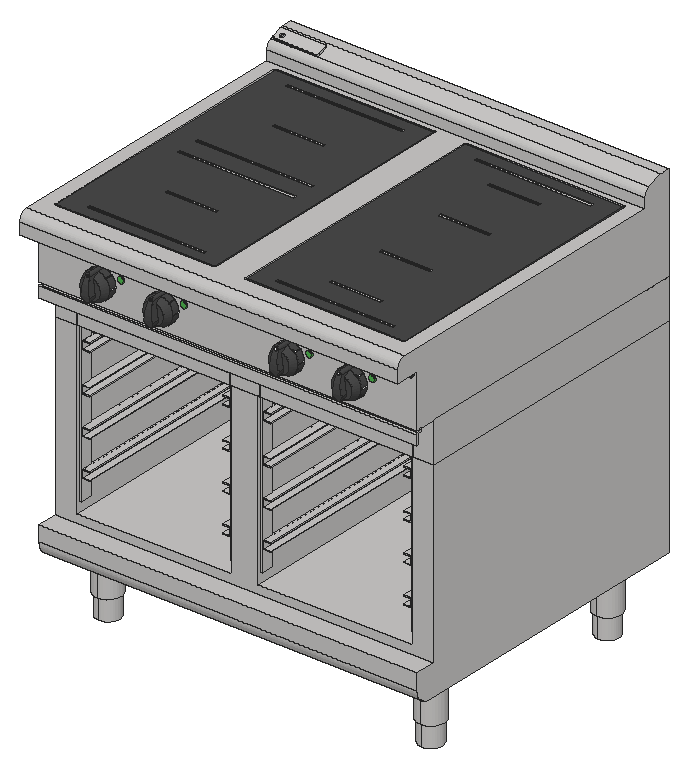
Revit family "QF_Moffat_INL8400R3F-CB_Induction Cooktop_cat", category Specialty Equipment, Revit 2019 (continued)
Definition of nested family "IN8400F-CB_Cabinet base"
  Automatic sketch dimensions
    Extrusion 14 sketch curve to Extrusion 14 sketch curve = 70 mm  (x2)
    Extrusion 14 sketch curve to plane 14 = 52.5 mm
    Extrusion 14 sketch curve to Extrusion 14 sketch curve = 0 mm  (x3)
    Extrusion 14 sketch curve to Extrusion 14 sketch curve = 17.4 mm  (x5)
Definition of nested family "Knob"
  Parameters (values of type "Knob")
    Weight in Pounds = 0
    URL Cutsheet = ""
    Specification by User = ""
    Specification by Manufacturer = ""
    Serial Number = ""
    Seismic Rating = ""
    SMACNA No = ""
    Revision Code = ""
    NAFEM Spec ID Number = ""
    Masterspec = ""
    Length = 65 mm
    Item Number = ""
    Installed By = ""
    Identify Quantity as Lot = yes
    Height = 69.5 mm
    Furnished By = ""
    Foodservice Equipment Identifier = yes
    Depth = 59 mm
    CSI MasterFormat = ""
  Reference planes
    plane 1 "BACK": y = 0
    plane 2: z = 0
    plane 3 "LEFT": x = 0
    plane 4 "RIGHT": x = 65
    plane 5 "FRONT": y = -59
    plane 6 "TOP": z = 69.5
    plane 7 "Center Y": x = 32.5
    plane 8 "Center X": y = -29.5
  Forms (mm)
    Revolve 1, solid
      sketch origin (32.5, 175.397, 1219.2) x (0, 1, 0) y (0, 0, 1)
        loop
          line (-175.397, -1186.7) -> (-219.397, -1186.7) -> (-219.397, -1211.501) -> (-202.106, -1219.2) -> (-185.397, -1219.2) -> (-185.397, -1191.7) -> (-175.397, -1191.7) -> (-175.397, -1186.7)
        axis (-219.397, -1186.7) -> (-175.397, -1186.7)
      angle from 0 to 360
    Extrusion 2, solid
      sketch origin (32.5, 175.397, 1219.2) x (0, 1, 0) y (0, 0, 1)
        loop
          line (-202.106, -1154.2) -> (-185.397, -1154.2) -> (-185.397, -1149.7) -> (-224.105, -1149.7)
          arc (-224.105, -1149.7) -> (-233.965, -1178.467) -> (-230.696, -1208.7) r 70
          line (-230.696, -1208.7) -> (-219.397, -1208.7) -> (-219.397, -1161.899) -> (-202.106, -1154.2)
      from -15 to 15
    Extrusion 3, void
      sketch origin (0, 0, 0) x (1, 0, 0) y (0, 0, 1)
        loop
          line (27.501, 64.613) -> (22.02, 20.585)
          arc (22.02, 20.585) -> (32.792, 10.488) -> (42.986, 21.169) r 10.487
          line (42.986, 21.169) -> (37.499, 64.613)
          arc (37.499, 64.613) -> (32.5, 69.5) -> (27.501, 64.613) r 5
        loop
          line (10, 72.977) -> (10, 5.625) -> (55, 5.625) -> (55, 72.977) -> (10, 72.977)
      from 6.142 to 69.687
    Extrusion 4, solid
      sketch origin (0, -34.115, -16.916) x (1, 0, 0) y (0, 0.45399, 0.891007)
        loop
          circle (32.497, 65) r 2
      from 51.525 to 53.075
    Extrusion 5, solid
      sketch origin (32.5, -10, 32.5) x (0, 0, -1) y (-1, 0, 0)
        loop
          line (-23.54, -22.408) -> (-24.106, -22.974)
          arc (-24.106, -22.974) -> (-23.547, -23.547) -> (-22.974, -24.106) r 33.3
          line (-22.974, -24.106) -> (-22.408, -23.54)
          arc (-22.408, -23.54) -> (-22.981, -22.981) -> (-23.54, -22.408) r 32.5
        loop
          arc (-0.8, -33.29) -> (0, -33.3) -> (0.8, -33.29) r 33.3
          line (0.8, -33.29) -> (0.8, -32.49)
          arc (0.8, -32.49) -> (0, -32.5) -> (-0.8, -32.49) r 32.5
          line (-0.8, -32.49) -> (-0.8, -33.29)
        loop
          arc (23.54, -22.408) -> (22.981, -22.981) -> (22.408, -23.54) r 32.5
          line (22.408, -23.54) -> (22.974, -24.106)
          arc (22.974, -24.106) -> (23.547, -23.547) -> (24.106, -22.974) r 33.3
          line (24.106, -22.974) -> (23.54, -22.408)
        loop
          arc (-23.54, 22.408) -> (-22.981, 22.981) -> (-22.408, 23.54) r 32.5
          line (-22.408, 23.54) -> (-22.974, 24.106)
          arc (-22.974, 24.106) -> (-23.547, 23.547) -> (-24.106, 22.974) r 33.3
          line (-24.106, 22.974) -> (-23.54, 22.408)
        loop
          line (-0.8, 33.29) -> (-0.8, 32.49)
          arc (-0.8, 32.49) -> (0, 32.5) -> (0.8, 32.49) r 32.5
          line (0.8, 32.49) -> (0.8, 33.29)
          arc (0.8, 33.29) -> (0, 33.3) -> (-0.8, 33.29) r 33.3
        loop
          line (32.49, -0.8) -> (33.29, -0.8)
          arc (33.29, -0.8) -> (33.3, 0) -> (33.29, 0.8) r 33.3
          line (33.29, 0.8) -> (32.49, 0.8)
          arc (32.49, 0.8) -> (32.5, 0) -> (32.49, -0.8) r 32.5
        loop
          arc (24.106, 22.974) -> (23.547, 23.547) -> (22.974, 24.106) r 33.3
          line (22.974, 24.106) -> (22.408, 23.54)
          arc (22.408, 23.54) -> (22.981, 22.981) -> (23.54, 22.408) r 32.5
          line (23.54, 22.408) -> (24.106, 22.974)
      from 0 to -16.709
  Cuts and joins
    Extrusion 3 cuts Extrusion 2
  Dimensions and locks
    equal spacing: plane 3 "LEFT", plane 7 "Center Y", plane 4 "RIGHT"
    "Length": plane 3 "LEFT" to plane 4 "RIGHT"
    equal spacing: plane 5 "FRONT", plane 8 "Center X", plane 1 "BACK"
    "Depth": plane 5 "FRONT" to plane 1 "BACK"
    "Height": plane 6 "TOP" to level
    plane 4 "RIGHT" to plane 3 "LEFT" = 65 mm
    aligned and locked: level to plane 2
  Automatic sketch dimensions
    Revolve 1 sketch curve to level = 0 mm
    Revolve 1 sketch curve to plane 1 "BACK" = 0 mm  (x2)
    plane 1 "BACK" to Revolve 1 sketch curve = 10 mm
    plane 8 "Center X" to Revolve 1 sketch curve = 2.791 mm
    Revolve 1 sketch curve to plane 8 "Center X" = 14.5 mm
    level to Revolve 1 sketch curve = 7.699 mm
    level to Revolve 1 sketch curve = 27.5 mm
    Revolve 1 sketch curve to Revolve 1 sketch curve = 5 mm
    Revolve 1 sketch curve to Revolve 1 sketch curve = 35 mm
    Revolve 1 sketch curve to Revolve 1 sketch curve = 0 mm
    Extrusion 2 sketch curve to plane 6 "TOP" = 0 mm
    Extrusion 2 sketch curve to plane 5 "FRONT" = 3.702 mm
    Extrusion 2 sketch curve to plane 5 "FRONT" = 10.293 mm
    Extrusion 2 sketch curve to Extrusion 2 sketch curve = 11.298 mm
    plane 8 "Center X" to Extrusion 2 sketch curve = 2.791 mm
    plane 1 "BACK" to Extrusion 2 sketch curve = 10 mm
    Extrusion 2 sketch curve to plane 1 "BACK" = 11 mm
    Extrusion 2 sketch curve to plane 6 "TOP" = 4.5 mm
    Extrusion 2 sketch curve to plane 6 "TOP" = 12.199 mm
    level to Extrusion 2 sketch curve = 32.962 mm
    level to Extrusion 3 sketch curve = 5.625 mm
    Extrusion 3 sketch curve to plane 7 "Center Y" = 0 mm  (x2)
    Extrusion 3 sketch curve to plane 7 "Center Y" = 4.999 mm
    Extrusion 3 sketch curve to plane 7 "Center Y" = 10.48 mm
    plane 6 "TOP" to Extrusion 3 sketch curve = 3.477 mm
    plane 3 "LEFT" to Extrusion 3 sketch curve = 10 mm
    Extrusion 3 sketch curve to plane 6 "TOP" = 4.887 mm
    Extrusion 3 sketch curve to Extrusion 3 sketch curve = 4.999 mm
    plane 7 "Center Y" to Extrusion 3 sketch curve = 10.486 mm
    level to Extrusion 3 sketch curve = 20.585 mm
    Extrusion 3 sketch curve to Extrusion 3 sketch curve = 0.387 mm
    Extrusion 3 sketch curve to Extrusion 3 sketch curve = 0.113 mm
    plane 4 "RIGHT" to Extrusion 3 sketch curve = 10 mm
    Extrusion 5 sketch curve to Revolve 1 = 32.49 mm
    Revolve 1 to Extrusion 5 sketch curve = 32.49 mm
    Extrusion 5 sketch curve to Revolve 1 = 23.54 mm  (x2)
    Revolve 1 to Extrusion 5 sketch curve = 23.54 mm  (x2)
    Extrusion 5 sketch curve to Revolve 1 = 24.106 mm  (x2)
    Revolve 1 to Extrusion 5 sketch curve = 24.106 mm  (x2)
    Revolve 1 to Extrusion 5 sketch curve = 22.408 mm  (x2)
    Extrusion 5 sketch curve to Revolve 1 = 22.408 mm  (x2)
    Revolve 1 to Extrusion 5 sketch curve = 22.974 mm  (x2)
    Extrusion 5 sketch curve to Revolve 1 = 22.974 mm  (x2)
    Extrusion 5 sketch curve to Extrusion 5 sketch curve = 1.6 mm  (x2)
    Revolve 1 to Extrusion 5 sketch curve = 0.8 mm
    Extrusion 5 sketch curve to Revolve 1 = 0.8 mm
    Extrusion 4 sketch curve to plane 7 "Center Y" = 0.003 mm
    radius of Extrusion 5 sketch curve to Revolve 1 = 0 mm  (x7)
    radius of Revolve 1 to Extrusion 5 sketch curve = 0.8 mm  (x7)
    radius of Extrusion 4 sketch curve = 2 mm
Definition of nested family "QF_LOGO_Waldorf1"
  Parameters (values of type "QF_LOGO_Waldorf")
    Weight in Pounds = 0
    URL Cutsheet = ""
    Specification by User = ""
    Specification by Manufacturer = ""
    Serial Number = ""
    Seismic Rating = ""
    SMACNA No = ""
    Revision Code = ""
    NAFEM Spec ID Number = ""
    Masterspec = ""
    Length = 138 mm
    Item Number = ""
    Installed By = ""
    Identify Quantity as Lot = yes
    Height = 26.711 mm
    Furnished By = ""
    Foodservice Equipment Identifier = yes
    Depth = 3.175 mm
    CSI MasterFormat = ""
  Reference planes
    plane 1 "BACK": y = 0
    plane 2: z = 0
    plane 3 "LEFT": x = 0
    plane 4 "RIGHT": x = 138
    plane 5 "FRONT": y = -3.175
    plane 6 "TOP": z = 26.711
    plane 7 "Center Y": x = 69
    plane 8 "Center X": y = -1.587
  Forms (mm)
    Extrusion 1, solid
      sketch origin (0, 0, 0) x (1, 0, 0) y (0, 0.920505, 0.390731)
        loop
          line (109, 3.464) -> (109, 23.247)
          spline (109, 23.247) -> (108.966, 23.699) -> (108.864, 24.143) -> (108.696, 24.572) -> (108.464, 24.979) -> (108.173, 25.355) -> (107.828, 25.696) -> (107.435, 25.995) -> (107, 26.247) -> (106.531, 26.447) -> (106.035, 26.593) -> (105.522, 26.681) -> (105, 26.711)
          line (105, 26.711) -> (4, 26.711)
          spline (4, 26.711) -> (3.478, 26.681) -> (2.965, 26.593) -> (2.469, 26.447) -> (2, 26.247) -> (1.565, 25.995) -> (1.172, 25.696) -> (0.827, 25.355) -> (0.536, 24.979) -> (0.304, 24.572) -> (0.136, 24.143) -> (0.034, 23.699) -> (0, 23.247)
          line (0, 23.247) -> (0, 3.464)
          spline (0, 3.464) -> (0.034, 3.012) -> (0.136, 2.568) -> (0.304, 2.138) -> (0.536, 1.732) -> (0.827, 1.355) -> (1.172, 1.015) -> (1.565, 0.716) -> (2, 0.464) -> (2.469, 0.264) -> (2.965, 0.118) -> (3.478, 0.03) -> (4, 0)
          line (4, 0) -> (105, 0)
          spline (105, 0) -> (105.522, 0.03) -> (106.035, 0.118) -> (106.531, 0.264) -> (107, 0.464) -> (107.435, 0.716) -> (107.828, 1.015) -> (108.173, 1.355) -> (108.464, 1.732) -> (108.696, 2.138) -> (108.864, 2.568) -> (108.966, 3.012) -> (109, 3.464)
        loop
          line (14.75, 7.005) -> (14.75, 15.654)
          arc (14.75, 15.654) -> (10.425, 11.329) -> (14.75, 7.005) r 4.325
        loop
          line (15.25, 15.654) -> (15.25, 7.005)
          arc (15.25, 7.005) -> (19.575, 11.329) -> (15.25, 15.654) r 4.325
      from 0 to 3.2
    Extrusion 2, solid
      sketch origin (0, 0, 0) x (1, 0, 0) y (0, 0.920505, 0.390731)
        loop
          line (15.25, 15.654) -> (15.25, 7.005)
          arc (15.25, 7.005) -> (19.575, 11.329) -> (15.25, 15.654) r 4.325
      from 0 to 3.2
    Extrusion 3, solid
      sketch origin (16.271, 0, 0) x (-1, 0, 0) y (0, -0.920505, -0.390731)
        loop
          arc (1.521, -15.654) -> (5.846, -11.329) -> (1.521, -7.005) r 4.325
          line (1.521, -7.005) -> (1.521, -15.654)
      from 0 to 3.2
  Lines and regions (mm)
    Split face 1
      outline origin (0, -1.25, 2.946) x (1, 0, 0) y (0, 0.920505, 0.390731)
        loop
          spline (22.129, 16.975) -> (22.389, 15.984) -> (22.649, 15.002) -> (22.91, 14.028) -> (23.172, 13.065) -> (23.433, 12.11) -> (23.695, 11.166) -> (23.956, 10.232) -> (24.218, 9.308) -> (24.479, 8.396) -> (24.74, 7.495) -> (25, 6.605) -> (25.26, 5.728)
          line (25.26, 5.728) -> (29.463, 5.728)
          spline (29.463, 5.728) -> (29.582, 6.252) -> (29.701, 6.78) -> (29.82, 7.313) -> (29.939, 7.85) -> (30.058, 8.391) -> (30.178, 8.936) -> (30.297, 9.485) -> (30.416, 10.038) -> (30.536, 10.594) -> (30.655, 11.155) -> (30.775, 11.719) -> (30.894, 12.287)
          spline (30.894, 12.287) -> (31.018, 11.719) -> (31.142, 11.155) -> (31.266, 10.594) -> (31.39, 10.038) -> (31.514, 9.485) -> (31.638, 8.936) -> (31.762, 8.391) -> (31.885, 7.85) -> (32.009, 7.313) -> (32.133, 6.78) -> (32.256, 6.252) -> (32.379, 5.728)
          line (32.379, 5.728) -> (36.51, 5.728)
          spline (36.51, 5.728) -> (36.766, 6.605) -> (37.023, 7.495) -> (37.28, 8.396) -> (37.538, 9.308) -> (37.795, 10.232) -> (38.053, 11.166) -> (38.311, 12.11) -> (38.569, 13.065) -> (38.826, 14.028) -> (39.083, 15.002) -> (39.34, 15.984) -> (39.597, 16.975)
          line (39.597, 16.975) -> (35.637, 16.975)
          spline (35.637, 16.975) -> (35.523, 16.334) -> (35.41, 15.697) -> (35.296, 15.063) -> (35.182, 14.433) -> (35.068, 13.807) -> (34.954, 13.185) -> (34.84, 12.566) -> (34.726, 11.952) -> (34.612, 11.342) -> (34.497, 10.737) -> (34.383, 10.135) -> (34.269, 9.538)
          spline (34.269, 9.538) -> (34.138, 10.135) -> (34.008, 10.737) -> (33.877, 11.342) -> (33.746, 11.952) -> (33.616, 12.566) -> (33.485, 13.185) -> (33.354, 13.807) -> (33.224, 14.433) -> (33.093, 15.063) -> (32.963, 15.697) -> (32.833, 16.334) -> (32.703, 16.975)
          line (32.703, 16.975) -> (29.247, 16.975)
          spline (29.247, 16.975) -> (29.111, 16.334) -> (28.974, 15.697) -> (28.837, 15.063) -> (28.7, 14.433) -> (28.562, 13.807) -> (28.425, 13.185) -> (28.288, 12.566) -> (28.15, 11.952) -> (28.013, 11.342) -> (27.875, 10.737) -> (27.738, 10.135) -> (27.6, 9.538)
          spline (27.6, 9.538) -> (27.483, 10.135) -> (27.366, 10.737) -> (27.249, 11.342) -> (27.132, 11.952) -> (27.015, 12.566) -> (26.897, 13.185) -> (26.78, 13.807) -> (26.663, 14.433) -> (26.546, 15.063) -> (26.43, 15.697) -> (26.313, 16.334) -> (26.196, 16.975)
          line (26.196, 16.975) -> (22.129, 16.975)
    Split face 2
      outline origin (0, -1.25, 2.946) x (1, 0, 0) y (0, 0.920505, 0.390731)
        loop
          line (51.449, 5.728) -> (51.035, 6.606) -> (51.035, 11.169)
          spline (51.035, 11.169) -> (50.686, 12.42) -> (50.176, 13.224) -> (49.51, 13.708) -> (48.693, 13.995) -> (47.747, 14.152) -> (46.698, 14.207) -> (45.579, 14.186) -> (44.419, 14.114) -> (43.279, 13.929) -> (42.249, 13.481) -> (41.424, 12.614) -> (40.897, 11.169)
          line (40.897, 11.169) -> (44.617, 11.169) -> (44.988, 11.965)
          spline (44.988, 11.965) -> (47.294, 11.682) -> (46.856, 10.932) -> (45.527, 10.609) -> (43.858, 10.439) -> (42.259, 10.123) -> (41.078, 9.417) -> (40.563, 8.246) -> (40.689, 6.989) -> (41.407, 6.052) -> (42.774, 5.536) -> (44.847, 5.497) -> (47.306, 6.602)
          line (47.306, 6.602) -> (47.624, 5.728) -> (51.449, 5.728)
    Split face 3
      outline origin (0, -1.25, 2.946) x (1, 0, 0) y (0, 0.920505, 0.390731)
        loop
          line (47.264, 9.264) -> (44.938, 8.597)
          spline (44.938, 8.597) -> (44.508, 8.228) -> (44.402, 7.9) -> (44.548, 7.626) -> (44.877, 7.42) -> (45.317, 7.295) -> (45.797, 7.265) -> (46.252, 7.342) -> (46.65, 7.525) -> (46.971, 7.813) -> (47.194, 8.201) -> (47.298, 8.685) -> (47.264, 9.264)
    Split face 4
      outline origin (0, -1.25, 2.946) x (1, 0, 0) y (0, 0.920505, 0.390731)
        loop
          line (53.33, 16.975) -> (53.33, 5.728) -> (57.173, 5.728) -> (57.173, 16.975) -> (53.33, 16.975)
    Split face 5
      outline origin (0, -1.25, 2.946) x (1, 0, 0) y (0, 0.920505, 0.390731)
        loop
          line (65.795, 16.975) -> (65.795, 12.976)
          spline (65.795, 12.976) -> (63.839, 14.082) -> (62.087, 14.096) -> (60.633, 13.343) -> (59.574, 12.148) -> (58.99, 10.806) -> (58.867, 9.452) -> (59.156, 8.159) -> (59.81, 7) -> (60.786, 6.056) -> (62.111, 5.514) -> (63.868, 5.634) -> (66.137, 6.679)
          line (66.137, 6.679) -> (66.137, 5.728) -> (69.511, 5.728) -> (69.511, 16.975) -> (65.795, 16.975)
    Split face 6
      outline origin (0, -1.25, 2.946) x (1, 0, 0) y (0, 0.920505, 0.390731)
        loop
          spline (64.273, 7.499) -> (64.754, 7.57) -> (65.202, 7.777) -> (65.587, 8.106) -> (65.882, 8.535) -> (66.067, 9.034) -> (66.131, 9.57) -> (66.067, 10.106) -> (65.882, 10.605) -> (65.587, 11.034) -> (65.202, 11.363) -> (64.754, 11.57) -> (64.273, 11.64)
          spline (64.273, 11.64) -> (63.793, 11.57) -> (63.345, 11.363) -> (62.96, 11.034) -> (62.665, 10.605) -> (62.479, 10.106) -> (62.416, 9.57) -> (62.479, 9.034) -> (62.665, 8.535) -> (62.96, 8.106) -> (63.345, 7.777) -> (63.793, 7.57) -> (64.273, 7.499)
    Split face 7
      outline origin (0, -1.25, 2.946) x (1, 0, 0) y (0, 0.920505, 0.390731)
        loop
          spline (76.449, 5.305) -> (77.855, 5.457) -> (79.166, 5.901) -> (80.291, 6.607) -> (81.155, 7.527) -> (81.698, 8.599) -> (81.883, 9.749) -> (81.698, 10.899) -> (81.155, 11.97) -> (80.291, 12.891) -> (79.166, 13.597) -> (77.855, 14.041) -> (76.449, 14.192)
          spline (76.449, 14.192) -> (75.042, 14.041) -> (73.731, 13.597) -> (72.606, 12.891) -> (71.742, 11.97) -> (71.199, 10.899) -> (71.014, 9.749) -> (71.199, 8.599) -> (71.742, 7.527) -> (72.606, 6.607) -> (73.731, 5.901) -> (75.042, 5.457) -> (76.449, 5.305)
    Split face 8
      outline origin (0, -1.25, 2.946) x (1, 0, 0) y (0, 0.920505, 0.390731)
        loop
          spline (76.449, 7.654) -> (76.841, 7.725) -> (77.206, 7.934) -> (77.52, 8.267) -> (77.76, 8.701) -> (77.912, 9.206) -> (77.963, 9.749) -> (77.912, 10.291) -> (77.76, 10.796) -> (77.52, 11.23) -> (77.206, 11.563) -> (76.841, 11.772) -> (76.449, 11.843)
          spline (76.449, 11.843) -> (76.057, 11.772) -> (75.691, 11.563) -> (75.378, 11.23) -> (75.137, 10.796) -> (74.986, 10.291) -> (74.934, 9.749) -> (74.986, 9.206) -> (75.137, 8.701) -> (75.378, 8.267) -> (75.691, 7.934) -> (76.057, 7.725) -> (76.449, 7.654)
    Split face 9
      outline origin (0, -1.25, 2.946) x (1, 0, 0) y (0, 0.920505, 0.390731)
        loop
          line (86.998, 12.335) -> (86.998, 13.879) -> (83.479, 13.879) -> (83.479, 5.728) -> (87.312, 5.728) -> (87.312, 8.975)
          spline (87.312, 8.975) -> (87.364, 9.356) -> (87.458, 9.686) -> (87.594, 9.968) -> (87.769, 10.204) -> (87.982, 10.398) -> (88.229, 10.55) -> (88.509, 10.666) -> (88.82, 10.746) -> (89.16, 10.794) -> (89.525, 10.812) -> (89.915, 10.803) -> (90.327, 10.77)
          line (90.327, 10.77) -> (90.327, 14.113)
          spline (90.327, 14.113) -> (89.929, 14.127) -> (89.552, 14.111) -> (89.197, 14.066) -> (88.865, 13.991) -> (88.554, 13.887) -> (88.266, 13.754) -> (87.999, 13.591) -> (87.755, 13.399) -> (87.532, 13.177) -> (87.332, 12.926) -> (87.154, 12.645) -> (86.998, 12.335)
    Split face 10
      outline origin (0, -1.25, 2.946) x (1, 0, 0) y (0, 0.920505, 0.390731)
        loop
          line (92.082, 13.879) -> (90.894, 13.879) -> (90.894, 11.972) -> (92.082, 11.972) -> (92.082, 5.728) -> (95.871, 5.728) -> (95.871, 11.972) -> (97.5, 11.972) -> (97.5, 13.879) -> (95.871, 13.879)
          spline (95.871, 13.879) -> (95.843, 14.088) -> (95.845, 14.278) -> (95.877, 14.447) -> (95.939, 14.596) -> (96.03, 14.726) -> (96.151, 14.835) -> (96.301, 14.925) -> (96.482, 14.995) -> (96.692, 15.045) -> (96.931, 15.075) -> (97.201, 15.085) -> (97.5, 15.076)
          line (97.5, 15.076) -> (97.5, 17.266) -> (95.367, 17.266)
          spline (95.367, 17.266) -> (94.982, 17.253) -> (94.58, 17.21) -> (94.174, 17.132) -> (93.774, 17.013) -> (93.39, 16.846) -> (93.034, 16.627) -> (92.717, 16.349) -> (92.448, 16.007) -> (92.24, 15.595) -> (92.102, 15.106) -> (92.046, 14.537) -> (92.082, 13.879)
  Dimensions and locks
    equal spacing: plane 3 "LEFT", plane 7 "Center Y", plane 4 "RIGHT"
    "Length": plane 3 "LEFT" to plane 4 "RIGHT"
    equal spacing: plane 5 "FRONT", plane 8 "Center X", plane 1 "BACK"
    "Depth": plane 5 "FRONT" to plane 1 "BACK"
    "Height": plane 6 "TOP" to level
    plane 4 "RIGHT" to plane 3 "LEFT" = 138 mm
    aligned and locked: level to plane 2
  Automatic sketch dimensions
    Extrusion 1 sketch curve to plane 3 "LEFT" = 0 mm
    plane 3 "LEFT" to Extrusion 1 sketch curve = 4 mm  (x2)
    Extrusion 1 sketch curve to Extrusion 1 sketch curve = 10.75 mm
    Extrusion 1 sketch curve to Extrusion 1 sketch curve = 0.5 mm
    plane 4 "RIGHT" to Extrusion 1 sketch curve = 33 mm
    Extrusion 1 sketch curve to Extrusion 1 sketch curve = 0 mm  (x3)
    Extrusion 1 sketch curve to Extrusion 1 sketch curve = 4 mm
    Extrusion 1 sketch curve to Extrusion 1 sketch curve = 3.464 mm  (x3)
    Extrusion 1 sketch curve to Extrusion 1 sketch curve = 3.541 mm
    Extrusion 1 sketch curve to Extrusion 1 sketch curve = 4.325 mm
    Extrusion 1 sketch curve to Extrusion 1 sketch curve = 19.783 mm
    Extrusion 1 sketch curve to Extrusion 1 sketch curve = 7.592 mm
    plane 3 "LEFT" to Extrusion 2 sketch curve = 15.25 mm
    Extrusion 2 sketch curve to Extrusion 2 sketch curve = 4.325 mm
    plane 3 "LEFT" to Extrusion 3 sketch curve = 14.75 mm
    Extrusion 3 sketch curve to Extrusion 3 sketch curve = 4.325 mm
    Extrusion 1 to Split face 1 sketch curve = 6.879 mm
    Split face 1 sketch curve to Extrusion 1 = 5.728 mm
    Split face 1 sketch curve to Split face 1 sketch curve = 3.132 mm
    Split face 1 sketch curve to Split face 1 sketch curve = 4.068 mm
    Split face 1 sketch curve to Split face 1 sketch curve = 3.051 mm
    Split face 1 sketch curve to Split face 1 sketch curve = 4.203 mm
    Split face 1 sketch curve to Split face 1 sketch curve = 2.916 mm
    Split face 1 sketch curve to Split face 1 sketch curve = 3.456 mm
    Split face 1 sketch curve to Split face 1 sketch curve = 2.934 mm
    Split face 1 sketch curve to Split face 1 sketch curve = 4.131 mm
    Split face 1 sketch curve to Split face 1 sketch curve = 3.96 mm
    Split face 1 sketch curve to Split face 1 sketch curve = 0 mm  (x2)
    Split face 1 sketch curve to Extrusion 1 = 9.736 mm  (x2)
    Extrusion 1 to Split face 1 sketch curve = 6.337 mm
    Extrusion 1 to Split face 1 sketch curve = 6.231 mm
    Extrusion 1 to Split face 1 sketch curve = 3.184 mm
    Extrusion 1 to Split face 1 sketch curve = 13.135 mm
    Split face 1 sketch curve to Split face 1 sketch curve = 4.652 mm
    Split face 1 sketch curve to Split face 1 sketch curve = 3.593 mm
    Split face 1 sketch curve to Split face 1 sketch curve = 1.863 mm
    Split face 1 sketch curve to Split face 1 sketch curve = 0.713 mm
    Split face 1 sketch curve to Split face 1 sketch curve = 2.684 mm
    Split face 1 sketch curve to Split face 1 sketch curve = 3.294 mm
    Split face 1 sketch curve to Split face 1 sketch curve = 0.459 mm
    Split face 1 sketch curve to Split face 1 sketch curve = 2.775 mm
    Split face 1 sketch curve to Split face 1 sketch curve = 1.89 mm
    Split face 1 sketch curve to Split face 1 sketch curve = 0.685 mm
    Split face 1 sketch curve to Split face 1 sketch curve = 9.486 mm
    Split face 1 sketch curve to Split face 1 sketch curve = 16.213 mm
    Split face 1 sketch curve to Split face 1 sketch curve = 3.48 mm
    Split face 1 sketch curve to Split face 1 sketch curve = 4.918 mm
    Split face 1 sketch curve to Split face 1 sketch curve = 7.609 mm
    Split face 1 sketch curve to Split face 1 sketch curve = 0.01 mm  (x2)
    Split face 1 sketch curve to Split face 1 sketch curve = 0.002 mm
    Split face 2 sketch curve to Extrusion 1 = 11.169 mm
    Extrusion 1 to Split face 2 sketch curve = 25.647 mm
    Split face 2 sketch curve to Split face 2 sketch curve = 3.72 mm
    Split face 2 sketch curve to Extrusion 1 = 11.965 mm
    Split face 2 sketch curve to Split face 2 sketch curve = 0.371 mm
    Split face 2 sketch curve to Extrusion 1 = 6.602 mm
    Split face 2 sketch curve to Split face 2 sketch curve = 2.689 mm
    Split face 2 sketch curve to Split face 2 sketch curve = 0.318 mm
    Split face 2 sketch curve to Split face 2 sketch curve = 3.729 mm
    Split face 2 sketch curve to Split face 2 sketch curve = 0.414 mm
    Split face 2 sketch curve to Split face 2 sketch curve = 0.875 mm
    Split face 2 sketch curve to Split face 2 sketch curve = 0.878 mm
    Split face 3 sketch curve to Extrusion 1 = 8.597 mm
    Extrusion 1 to Split face 3 sketch curve = 29.688 mm
    Split face 3 sketch curve to Extrusion 1 = 9.264 mm
    Split face 3 sketch curve to Split face 3 sketch curve = 2.326 mm
    Split face 4 sketch curve to Extrusion 1 = 5.728 mm
    Extrusion 1 to Split face 4 sketch curve = 38.08 mm
    Split face 4 sketch curve to Split face 4 sketch curve = 3.843 mm
    Split face 4 sketch curve to Extrusion 1 = 9.736 mm
    Split face 5 sketch curve to Extrusion 1 = 9.736 mm
    Split face 5 sketch curve to Extrusion 1 = 43.205 mm
    Split face 5 sketch curve to Extrusion 1 = 6.679 mm
    Split face 5 sketch curve to Split face 5 sketch curve = 0.342 mm
    Split face 5 sketch curve to Split face 5 sketch curve = 3.375 mm
    Split face 5 sketch curve to Split face 5 sketch curve = 0.952 mm
    Split face 5 sketch curve to Split face 5 sketch curve = 3.998 mm
    Split face 6 sketch curve to Extrusion 1 = 7.499 mm
    Split face 6 sketch curve to Extrusion 1 = 44.727 mm
    Split face 6 sketch curve to Split face 6 sketch curve = 2.07 mm
    Split face 7 sketch curve to Extrusion 1 = 5.305 mm
    Split face 7 sketch curve to Extrusion 1 = 32.551 mm
    Split face 7 sketch curve to Split face 7 sketch curve = 4.443 mm
    Split face 8 sketch curve to Extrusion 1 = 7.654 mm
    Split face 8 sketch curve to Extrusion 1 = 32.551 mm
    Split face 8 sketch curve to Split face 8 sketch curve = 2.095 mm
    Split face 9 sketch curve to Extrusion 1 = 5.728 mm
    Split face 9 sketch curve to Extrusion 1 = 25.521 mm
    Split face 9 sketch curve to Split face 9 sketch curve = 3.519 mm
    Split face 9 sketch curve to Split face 9 sketch curve = 0.315 mm
    Split face 9 sketch curve to Split face 9 sketch curve = 3.33 mm
    Split face 9 sketch curve to Split face 9 sketch curve = 3.248 mm
    Split face 9 sketch curve to Split face 9 sketch curve = 1.795 mm
    Split face 9 sketch curve to Split face 9 sketch curve = 3.36 mm
    Split face 9 sketch curve to Split face 9 sketch curve = 1.545 mm
    Split face 9 sketch curve to Split face 9 sketch curve = 0.233 mm
    Split face 10 sketch curve to Extrusion 1 = 18.106 mm
    Split face 10 sketch curve to Split face 10 sketch curve = 1.188 mm  (x2)
    Split face 10 sketch curve to Split face 10 sketch curve = 3.285 mm
    Split face 10 sketch curve to Split face 10 sketch curve = 3.789 mm
    Split face 10 sketch curve to Split face 10 sketch curve = 0 mm  (x2)
    Split face 10 sketch curve to Split face 10 sketch curve = 1.629 mm
    Split face 10 sketch curve to Split face 10 sketch curve = 2.133 mm
    Split face 10 sketch curve to Extrusion 1 = 5.728 mm
    Split face 10 sketch curve to Split face 10 sketch curve = 6.245 mm
    Split face 10 sketch curve to Split face 10 sketch curve = 1.907 mm  (x2)
    Split face 10 sketch curve to Split face 10 sketch curve = 1.197 mm
    Split face 10 sketch curve to Split face 10 sketch curve = 2.19 mm
